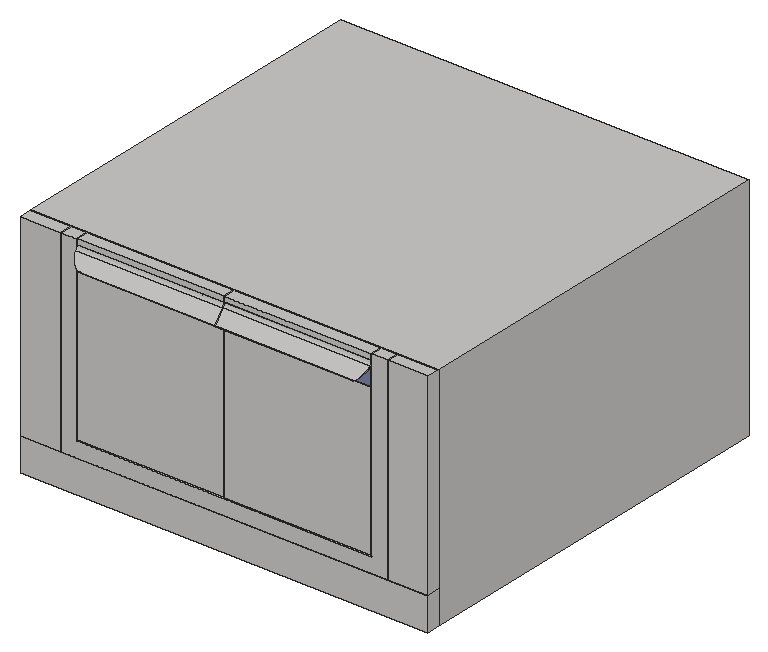
Revit family "QF_ELECTROLUXPROFESSIONAL_588648_MB1RCAHOOO", category Attrezzature speciali, Revit 2020
Family settings
  Quota connettore circolare = Usa diametro
  Tipo di parte = Normale
  Basato su piano di lavoro = No
  Sempre verticale = Sì
  Taglio con vuoti quando caricato = No
  Condiviso = No
  Punto di calcolo locali = No
Parameters (values of type "Standard")
  Weight = 29.00 kg
  Watts = 0 W
  Volts = 0 V
  URL Manufacturer = "https://www.electroluxprofessional.com/"
  URL = "https://www.electroluxprofessional.com/"
  Steam Supply Size = 0"
  Steam Supply Minimum Pressure = 0.00 psi
  Steam Supply Maximum Pressure = 0.00 psi
  Steam Consumption per Hour = 0
  Refrigeration Suction Line Size = 0 mm
  Refrigeration Liquid Line Size = 0 mm
  Refrigerant Compressor Remote = yes
  Prospetto di default = 0 mm
  Phase = 0
  Modello = "MB1RCAHOOO"
  Produttore = "Electrolux Professional"
  Length Actual = 800 mm  # constant formula
  Item Number = "588648"
  Hot Water Size = 0"
  Height Actual = 450 mm  # constant formula
  HP = "0 HP"
  Gas Size = 0"
  Gas KW = 0
  Gas Input Pressure = 0.0 Btu/h
  Direct Waste Size = 0"
  Descrizione = "CUPBOARD BASE,GN,2 DOOR,1-S,800X850X450H"
  Depth Actual = 850 mm  # constant formula
  Cycle = 0 Hz
  Condensate Return Size = 0"
  Compressed Air Volume = 0 GPM
  Compressed Air Size = 0"
  Compressed Air Pressure = 0.00 psi
  Cold Water Size = 0"
  Accessory = yes
Reference planes
  plane 1 "BACK": y = 0
  plane 2: z = 0
  plane 3 "LEFT": x = 0
  plane 4 "RIGHT": x = 800
  plane 5 "FRONT": y = -850
  plane 6 "PLAIN": z = 900
  plane 7 "Center (Left/Right)": x = 400
  plane 8 "Center (Front/Back)": y = -425
  plane 9 "TOP": z = 650
  plane 10 "BASE": z = 200
  plane 11: x = 722
  plane 12: x = 78
  plane 13 "Feet_back": y = -150
  plane 14 "Feet_Front": y = -720
  plane 15: x = 80
  plane 16: x = 720
  plane 17: z = 265
  plane 18: y = -45
  plane 19: y = -805
  plane 20: y = -70
  plane 21: y = -830
  plane 22 "ButtonZ": z = 590
Forms (mm)
  Extrusion 1, solid, material "QF_Finishes_Stainless Steel"
    sketch origin (0, 0, 650) x (0, 1, 0) y (0, 0, 1)
      loop
        line (-45, -450) -> (-45, 0) -> (-805, 0) -> (-805, -450) -> (-45, -450)
    from 0 to 800
  Extrusion 2, solid, material "QF_Finishes_Stainless Steel"
    sketch origin (0, 0, 650) x (0, 1, 0) y (0, 0, 1)
      loop
        line (-830, -450) -> (-805, -450) -> (-805, -385) -> (-830, -385) -> (-830, -450)
    from 0 to 800
  Extrusion 3, void
    sketch origin (0, -850, 0) x (1, 0, 0) y (0, 0, 1)
      loop
        line (80, 650) -> (80, 265) -> (720, 265) -> (720, 650) -> (80, 650)
    from 0 to -780
  Extrusion 4, solid, material "QF_Finishes_Stainless Steel"
    sketch origin (0, -850, 0) x (1, 0, 0) y (0, 0, 1)
      loop
        line (110, 650) -> (110, 627) -> (690, 627) -> (690, 650) -> (110, 650)
    from -45 to -805
  Extrusion 5, solid, material "QF_Finishes_Stainless Steel"
    sketch origin (0, -850, 0) x (1, 0, 0) y (0, 0, 1)
      loop
        line (80, 650) -> (80, 265) -> (720, 265) -> (720, 650) -> (690, 650) -> (690, 295) -> (110, 295) -> (110, 650) -> (80, 650)
    from -45 to -780
  Extrusion 6, solid, material "QF_Finishes_Stainless Steel"
    sketch origin (0, -850, 0) x (1, 0, 0) y (0, 0, 1)
      loop
        line (0, 650) -> (0, 265) -> (80, 265) -> (80, 650) -> (0, 650)
    from -20 to -45
  Extrusion 7, solid, material "QF_Finishes_Stainless Steel"
    sketch origin (0, -850, 0) x (1, 0, 0) y (0, 0, 1)
      loop
        line (720, 650) -> (720, 265) -> (800, 265) -> (800, 650) -> (720, 650)
    from -20 to -45
  Extrusion 8, solid, material "QF_Finishes_Stainless Steel"
    sketch origin (315, -850, 0) x (1, 0, 0) y (0, 0, 1)
      loop
        line (-235, 650) -> (-235, 265) -> (405, 265) -> (405, 650) -> (375, 650) -> (375, 295) -> (-205, 295) -> (-205, 650) -> (-235, 650)
    from -20 to -45
Cuts and joins
  Extrusion 3 cuts Extrusion 1
  joined: Extrusion 1, Extrusion 4, Extrusion 5
Lines and regions (mm)
  symbolic lines, style "SpecialityEquipmentHiddenLines"
    curve 1: line (0, 0, 0) -> (800, 0, 0)
    curve 2: line (0, -850, 0) -> (0, 0, 0)
    curve 3: line (800, -850, 0) -> (0, -850, 0)
    curve 4: line (800, 0, 0) -> (800, -850, 0)
Dimensions and locks
  plane 3 "LEFT" to plane 4 "RIGHT" = 800 mm
  plane 5 "FRONT" to plane 1 "BACK" = 850 mm
  equal spacing: plane 3 "LEFT", plane 7 "Center (Left/Right)", plane 4 "RIGHT"
  equal spacing: plane 5 "FRONT", plane 8 "Center (Front/Back)", plane 1 "BACK"
  plane 6 "PLAIN" to plane 9 "TOP" = 250 mm
  plane 10 "BASE" to level = 200 mm
  plane 9 "TOP" to plane 10 "BASE" = 450 mm
  locked: plane 1 "BACK" to plane 13 "Feet_back" at 150
  locked: plane 14 "Feet_Front" to plane 5 "FRONT" at 130
  locked: plane 12 to plane 3 "LEFT" at 78
  locked: plane 11 to plane 4 "RIGHT" at 78
  plane 16 to plane 15 = 640 mm
  equal spacing: plane 16, plane 7 "Center (Left/Right)", plane 15
  locked: plane 17 to plane 10 "BASE" at 65
  locked: plane 1 "BACK" to plane 18 at 45
  plane 9 "TOP" to Extrusion 4 sketch curve = 23 mm
  locked: Extrusion 4 sketch curve to plane 15 at 30
  locked: plane 16 to Extrusion 4 sketch curve at 30
  plane 6 "PLAIN" to level = 900 mm
  Extrusion 5 to Extrusion 5 = 580 mm
  locked: plane 18 to plane 20 at 25
  locked: plane 21 to plane 5 "FRONT" at 20
  locked: plane 19 to plane 21 at 25
  plane 18 to plane 21 = 785 mm
  plane 22 "ButtonZ" to level = 590 mm
  aligned and locked: level to plane 2
  aligned and locked: Extrusion 1 to plane 4 "RIGHT"
  aligned and locked: Extrusion 1 to plane 3 "LEFT"
  aligned and locked: Extrusion 2 to plane 4 "RIGHT"
  aligned and locked: plane 9 "TOP" to Extrusion 3 sketch curve
  aligned and locked: Extrusion 3 sketch curve to plane 15
  aligned and locked: plane 16 to Extrusion 3 sketch curve
  aligned and locked: Extrusion 2 to plane 10 "BASE"
  aligned and locked: Extrusion 2 to plane 17
  aligned and locked: plane 17 to Extrusion 3 sketch curve
  aligned and locked: Extrusion 4 to plane 18
  aligned and locked: Extrusion 5 sketch curve to plane 15
  aligned and locked: plane 16 to Extrusion 5 sketch curve
  aligned and locked: plane 9 "TOP" to Extrusion 5 sketch curve  (x2)
  aligned and locked: plane 17 to Extrusion 5 sketch curve
  aligned and locked: Extrusion 5 sketch curve to Extrusion 4  (x2)
  aligned and locked: Extrusion 6 sketch curve to plane 9 "TOP"
  aligned and locked: plane 3 "LEFT" to Extrusion 6 sketch curve
  aligned and locked: Extrusion 6 sketch curve to plane 17
  aligned and locked: Extrusion 6 sketch curve to plane 15
  aligned and locked: Extrusion 7 sketch curve to plane 9 "TOP"
  aligned and locked: plane 16 to Extrusion 7 sketch curve
  aligned and locked: Extrusion 7 sketch curve to plane 17
  aligned and locked: plane 4 "RIGHT" to Extrusion 7 sketch curve
  aligned and locked: cut or joined group of Extrusion 1, Extrusion 3, Extrusion 4, Extrusion 5 to Extrusion 4
  aligned and locked: plane 7 "Center (Left/Right)" to nested 1
  aligned and locked: Extrusion 5 to plane 20
  aligned and locked: cut or joined group of Extrusion 1, Extrusion 3, Extrusion 4, Extrusion 5 to plane 20
  aligned and locked: cut or joined group of Extrusion 1, Extrusion 3, Extrusion 4, Extrusion 5 to plane 18
  aligned and locked: plane 19 to Extrusion 4
  aligned and locked: Extrusion 6 to plane 19
  aligned and locked: plane 21 to Extrusion 6
  aligned and locked: plane 21 to Extrusion 7
  aligned and locked: Extrusion 7 to plane 19
  aligned and locked: Extrusion 2 to plane 19
  aligned and locked: plane 21 to Extrusion 2
  aligned and locked: plane 19 to cut or joined group of Extrusion 1, Extrusion 3, Extrusion 4, Extrusion 5
  aligned and locked: Extrusion 8 sketch curve to cut or joined group of Extrusion 1, Extrusion 3, Extrusion 4, Extrusion 5  (x3)
  aligned and locked: Extrusion 8 sketch curve to plane 16
  aligned and locked: plane 15 to Extrusion 8 sketch curve
Automatic sketch dimensions
  curve 3 to plane 3 "LEFT" = 0 mm
  curve 3 to plane 4 "RIGHT" = 0 mm
  plane 5 "FRONT" to curve 3 = 0 mm
  plane 1 "BACK" to curve 2 = 0 mm
  Extrusion 1 sketch curve to plane 10 "BASE" = 0 mm
  Extrusion 1 sketch curve to plane 19 = 0 mm
  Extrusion 1 sketch curve to plane 18 = 0 mm
  Extrusion 1 sketch curve to plane 9 "TOP" = 0 mm
  plane 17 to Extrusion 2 sketch curve = 0 mm
  Extrusion 2 sketch curve to plane 21 = 0 mm
  Extrusion 2 sketch curve to plane 10 "BASE" = 0 mm
  Extrusion 2 sketch curve to plane 19 = 0 mm
  Extrusion 4 sketch curve to plane 9 "TOP" = 0 mm
  Extrusion 5 sketch curve to plane 17 = 30 mm
  Extrusion 8 sketch curve to plane 9 "TOP" = 0 mm  (x2)
  Extrusion 8 sketch curve to plane 17 = 0 mm
Nested families
  nested 1: "H450_2DOOR" at (363.958, -805, 200) x (1, 0, 0) z (0, -1, 0), type "H450_2DOOR"
    with Width 580 mm, Wdoor 290 mm, Show Clearance yes
Definition of nested family "H450_2DOOR"
  Parameters
    Width [instance] = 580 mm
    Wdoor [instance] = Width / 2  # 290 mm
    Show Clearance [instance] = yes
    Model = "727995"
    Height = 450 mm
    Default Elevation = 0 mm
  Reference planes
    plane 1 "Center (Front/Back)": y = 0
    plane 2: z = 0
    plane 3 "Center (Left/Right)": x = 36.042
    plane 4 "panel": z = 25
    plane 5: x = -253.958
    plane 6: x = 326.042
    plane 7: y = 450
    plane 8: z = 290
    plane 9: z = 45
  Forms (mm)
    Extrusion 1, solid
      sketch origin (0, -919.2, 0) x (1, 0, 0) y (0, 1, 0)
        loop
          line (-980.5, 2119.2) -> (-980.5, -162.846) -> (881.94, -162.846) -> (881.94, 2119.2) -> (-980.5, 2119.2)
      from 0 to -59.546
    Extrusion 2, solid
      sketch origin (0, 0, 0) x (1, 0, 0) y (0, 1, 0)
        loop
          line (324.042, 393) -> (37.042, 393) -> (37.042, 97) -> (324.042, 97) -> (324.042, 393)
        loop
          line (-251.958, 97) -> (35.042, 97) -> (35.042, 393) -> (-251.958, 393) -> (-251.958, 97)
      from 0 to 25
    Extrusion 3, solid
      sketch origin (0, 0, 0) x (1, 0, 0) y (0, 1, 0)
        loop
          line (-251.958, 393) -> (35.042, 393) -> (35.042, 440) -> (-251.958, 440) -> (-251.958, 393)
        loop
          line (37.042, 440) -> (37.042, 393) -> (324.042, 393) -> (324.042, 440) -> (37.042, 440)
      from 0 to 25
    Extrusion 4, solid
      sketch origin (5.581, 79.805, 0) x (1, 0, 0) y (0, 1, 0)
        loop
          line (-257.539, 360.195) -> (29.461, 360.195) -> (29.461, 370.195) -> (-257.539, 370.195) -> (-257.539, 360.195)
        loop
          line (31.461, 370.195) -> (31.461, 360.195) -> (318.461, 360.195) -> (318.461, 370.195) -> (31.461, 370.195)
      from 0 to 25
    Extrusion 5, solid
      sketch origin (36.042, 0, 0) x (0, 1, 0) y (0, 0, 1)
        loop
          line (426.693, 25) -> (440.02, 25)
          arc (440.02, 25) -> (435.261, 25.775) -> (430.993, 28.02) r 15
          line (430.993, 28.02) -> (406.653, 46.362) -> (403.644, 42.369) -> (426.693, 25)
      from 1 to 288
    Extrusion 6, solid
      sketch origin (36.042, 0, 0) x (0, 1, 0) y (0, 0, 1)
        loop
          line (426.693, 25) -> (440.02, 25)
          arc (440.02, 25) -> (435.261, 25.775) -> (430.993, 28.02) r 15
          line (430.993, 28.02) -> (406.653, 46.362) -> (403.644, 42.369) -> (426.693, 25)
      from -288 to -1
    Extrusion 7, void
      sketch origin (0, 0, 0) x (1, 0, 0) y (0, 1, 0)
        loop
          arc (324.042, 426.693) -> (314.508, 412.772) -> (300.317, 403.644) r 42.603
          line (300.317, 403.644) -> (324.042, 403.644) -> (324.042, 426.693)
      from 0 to 47.9
    Extrusion 8, void
      sketch origin (72.084, 0, 0) x (-1, 0, 0) y (0, -1, 0)
        loop
          line (324.042, -426.693) -> (324.042, -403.644) -> (300.317, -403.644)
          arc (300.317, -403.644) -> (314.508, -412.772) -> (324.042, -426.693) r 42.603
      from 0 to 47.9
    Extrusion 9, solid, detail levels coarse
      sketch origin (0, 0, 0) x (1, 0, 0) y (0, 0, 1)
        loop
          arc (36.042, 25) -> (-41.575, 212.383) -> (-228.958, 290) r 265
          line (-228.958, 290) -> (-228.958, 25) -> (36.042, 25)
      from -450 to -97
    Extrusion 10, solid, detail levels coarse
      sketch origin (0, 0, 0) x (1, 0, 0) y (0, 0, 1)
        loop
          arc (301.042, 290) -> (113.659, 212.383) -> (36.042, 25) r 265
          line (36.042, 25) -> (301.042, 25) -> (301.042, 290)
      from -450 to -97
  Cuts and joins
    Extrusion 8 cuts Extrusion 6
    Extrusion 7 cuts Extrusion 5
  Lines and regions (mm)
    symbolic lines
      curve 1: line (326.042, 0, 45) -> (326.042, 0, 290)
      curve 2: line (301.042, 0, 45) -> (301.042, 0, 290)
      curve 3: line (326.042, 0, 290) -> (301.042, 0, 290)
      curve 4: line (-253.958, 0, 45) -> (-253.958, 0, 290)
      curve 5: line (-228.958, 0, 45) -> (-228.958, 0, 290)
      curve 6: line (-253.958, 0, 290) -> (-228.958, 0, 290)
      curve 7: arc (301.042, 0, 290) -> (120.901, 0, 219.356) -> (36.804, 0, 45.088) r 265
      curve 8: arc (35.286, 0, 44.997) -> (-48.783, 0, 219.325) -> (-228.958, 0, 290) r 265
  Dimensions and locks
    plane 4 "panel" to level = 25 mm
    "Width": plane 5 to plane 6
    equal spacing: plane 5, plane 3 "Center (Left/Right)", plane 6
    "Height": plane 1 "Center (Front/Back)" to plane 7
    locked: plane 5 to Extrusion 2 sketch curve at 2
    locked: Extrusion 2 sketch curve to plane 6 at 2
    locked: plane 1 "Center (Front/Back)" to Extrusion 2 sketch curve at 97
    locked: plane 7 to Extrusion 2 sketch curve at 57
    locked: Extrusion 2 sketch curve to plane 3 "Center (Left/Right)" at 1
    locked: plane 3 "Center (Left/Right)" to Extrusion 2 sketch curve at 1
    Extrusion 3 sketch curve to Extrusion 2 = 47 mm
    "Wdoor": plane 8 to level
    locked: curve 2 to curve 1 at 25
    locked: curve 5 to curve 4 at 25
    plane 4 "panel" to plane 9 = 20 mm
    aligned and locked: plane 2 to Extrusion 1
    aligned and locked: level to Extrusion 1
    aligned and locked: plane 4 "panel" to Extrusion 2
    aligned and locked: Extrusion 2 to Extrusion 3 sketch curve
    aligned and locked: Extrusion 3 sketch curve to Extrusion 2  (x2)
    aligned and locked: Extrusion 3 sketch curve to Extrusion 3 sketch curve
    aligned and locked: plane 4 "panel" to Extrusion 3
    aligned and locked: Extrusion 4 sketch curve to Extrusion 4 sketch curve
    aligned and locked: Extrusion 4 sketch curve to Extrusion 3  (x3)
    aligned and locked: Extrusion 3 to Extrusion 4 sketch curve
    aligned and locked: Extrusion 4 sketch curve to plane 7
    aligned and locked: Extrusion 3 to Extrusion 5
    aligned and locked: Extrusion 5 to Extrusion 3
    aligned and locked: Extrusion 6 to Extrusion 3
    aligned and locked: Extrusion 3 to Extrusion 6
    aligned and locked: Extrusion 7 sketch curve to Extrusion 5
    aligned and locked: Extrusion 8 to Extrusion 6
    aligned and locked: Extrusion 4 to Extrusion 8
    aligned and locked: Extrusion 2 to Extrusion 7
    aligned and locked: Extrusion 7 to Extrusion 5
    aligned and locked: Extrusion 4 to Extrusion 3  (x2)
    aligned and locked: Extrusion 3 to Extrusion 2
    aligned and locked: Extrusion 4 to Extrusion 2
    aligned and locked: curve 3 to plane 8
    aligned and locked: curve 1 to plane 6
    aligned and locked: curve 4 to plane 5
    aligned and locked: Extrusion 9 sketch curve to plane 4 "panel"
    aligned and locked: Extrusion 10 sketch curve to curve 7
    aligned and locked: Extrusion 10 sketch curve to curve 2
    aligned and locked: Extrusion 2 to Extrusion 9
    aligned and locked: Extrusion 2 to Extrusion 10
    aligned and locked: plane 7 to Extrusion 9
    aligned and locked: Extrusion 3 to Extrusion 4
  Automatic sketch dimensions
    Extrusion 1 sketch curve to Extrusion 1 sketch curve = 1862.44 mm
    Extrusion 1 sketch curve to Extrusion 1 sketch curve = 2282.046 mm
    Extrusion 2 sketch curve to plane 1 "Center (Front/Back)" = 97 mm
    Extrusion 2 sketch curve to Extrusion 2 sketch curve = 0 mm
    Extrusion 3 sketch curve to plane 3 "Center (Left/Right)" = 1 mm
    plane 5 to Extrusion 3 sketch curve = 2 mm
    Extrusion 3 sketch curve to Extrusion 3 sketch curve = 0 mm
    Extrusion 5 sketch curve to plane 4 "panel" = 0 mm
    plane 4 "panel" to Extrusion 5 sketch curve = 17.369 mm
    Extrusion 5 sketch curve to plane 7 = 46.356 mm
    plane 4 "panel" to Extrusion 5 sketch curve = 21.362 mm
    Extrusion 5 sketch curve to Extrusion 5 sketch curve = 3.009 mm
    plane 4 "panel" to Extrusion 5 sketch curve = 3.02 mm
    Extrusion 5 sketch curve to Extrusion 5 sketch curve = 9.027 mm
    Extrusion 6 sketch curve to plane 4 "panel" = 0 mm
    plane 4 "panel" to Extrusion 6 sketch curve = 17.369 mm
    Extrusion 6 sketch curve to plane 7 = 46.356 mm
    plane 4 "panel" to Extrusion 6 sketch curve = 21.362 mm
    Extrusion 6 sketch curve to Extrusion 6 sketch curve = 3.009 mm
    plane 4 "panel" to Extrusion 6 sketch curve = 3.02 mm
    Extrusion 6 sketch curve to Extrusion 6 sketch curve = 9.027 mm
    Extrusion 7 sketch curve to Extrusion 7 sketch curve = 23.725 mm
    Extrusion 7 sketch curve to plane 7 = 6.671 mm
    Extrusion 7 sketch curve to plane 6 = 41.221 mm
    Extrusion 7 sketch curve to plane 7 = 23.307 mm
    plane 7 to Extrusion 8 sketch curve = 6.671 mm
    Extrusion 8 sketch curve to plane 5 = 41.221 mm
    Extrusion 8 sketch curve to plane 5 = 25.725 mm
    Extrusion 8 sketch curve to plane 5 = 2 mm
    plane 7 to Extrusion 8 sketch curve = 23.307 mm
    Extrusion 4 sketch curve to Extrusion 4 sketch curve = 10 mm
    Extrusion 4 sketch curve to plane 7 = 10 mm
    curve 2 to plane 9 = 0 mm
    curve 5 to plane 9 = 0 mm
    curve 4 to plane 9 = 0 mm
    curve 1 to plane 9 = 0 mm
    curve 8 to plane 4 "panel" = 0 mm
    curve 5 to plane 8 = 0 mm
    curve 8 to plane 9 = 0.003 mm
    curve 7 to plane 4 "panel" = 0 mm
    plane 9 to curve 7 = 0.088 mm
